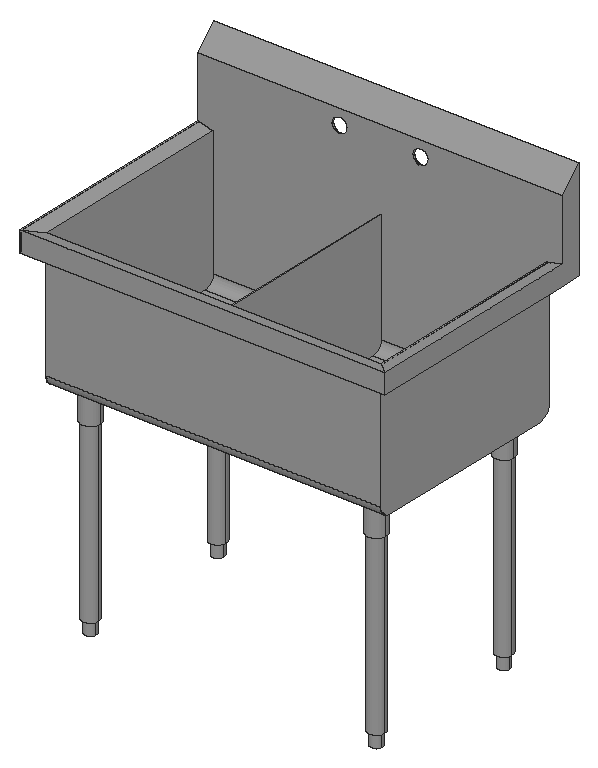
Revit family "equip-sink-elkay-weldbilt-DBL", category Plumbing Fixtures, Revit 2019
Family settings
  Round Connector Dimension = Use Diameter
  Part Type = Normal
  Work Plane-Based = No
  Always vertical = Yes
  Cut with Voids When Loaded = No
  Shared = No
  Room Calculation Point = No
Parameters (values of type "ByType")
  Width = 2' - 0"
  URL = "http://www.elkayusa.com/cps/rde/xchg/elkay/hs.xsl/Default.aspx"
  Specification URL = "http://www.elkayusa.com/cps/rde/xbcr/elkay/04-06H_WELDBILT_DOUBLE_SCULLERY.pdf"
  Model Number = ""
  Model = "Weldbilt"
  Manufacturer = "Elkay Manufacturer"
  Length = 3' - 0"
  Installation URL = "http://www.elkayusa.com/cps/rde/xbcr/elkay/74180084.pdf"
  Hidden Width = if(Compartment Width > 0' 11", Width, (Compartment Width + Sink Rim Front Width + Backsplash Width))  # 2' - 0"
  Sink Material = Metal - Steel - Stainless - Chrome
  Hidden Compartment Width = Width - Sink Rim Front Width - Backsplash Width  # 1' - 8 1/2"
  Hidden Compartment Length = (Length - (Sink Rim Sides Width * 2)) / 2  # 1' - 4 1/2"
  Description = "Weldbilt Double Compartment scullery Sinks"
  Compartment Length = if(Hidden Compartment Length > 0' 8 1/2", Hidden Compartment Length, 0' 8 1/2")  # 1' - 4 1/2"
  Hidden Length = if((Compartment Length > 0' 8 1/2"), Length, (((Compartment Length * 2) + Sink Rim Sides Width * 2)))  # 3' - 0"
  Sink Rim Sides Width = 0' - 1 1/2"  # constant formula
  Sink Rim Front Width = 0' - 1 1/2"  # constant formula
  Backsplash Width = 0' - 2"  # constant formula
  Sink Drain Location = Compartment Width / 2  # 0' - 10 1/4"
  Compartment Depth = 1' - 2"
  Compartment Width = if(Hidden Compartment Width > 0' 11", Hidden Compartment Width, 0' 11")  # 1' - 8 1/2"
  Rim Height = 3' - 0"
  Hole 1 to 2 = 0' - 8"
  Hole 1 From CL = 0' - 4"
  Faucet CL from Top Backsplash = 0' - 3 1/2"
  Backsplash Height = 0' - 8"
Reference planes (in)
  plane 1 "CL Sink Hole": y = 0
  plane 2 "Bottom": z = 0
  plane 3 "Center (Left/Right)": x = 0
  plane 4 "Basin Edge Left": x = -16.5
  plane 5 "Basin Edge Right": x = 16.5
  plane 6 "Basin Edge Back": y = 10.25
  plane 7 "Basin Edge Front": y = -10.25
  plane 8 "Left": x = -18
  plane 9 "Right": x = 18
  plane 10 "Back": y = 12.25
  plane 11 "Front": y = -11.75
  plane 12 "Sink Bowl Bottom (Top Face)": z = 22
  plane 13 "Sink Bowl Bottom (Bottom Face)": z = 21.875
  plane 14 "Sink Bottom Piece Back Edge": y = 9.25
  plane 15 "Sink Bottom Piece Front Edge": y = -9.25
  plane 16 "Center (Front/Back)": y = 0
  plane 17 "Sink Rim Top": z = 36
  plane 18 "Sink Bowl Bottom Radius Top Tangent": z = 23
  plane 19 "Sink Rim Inside Lower Edge": z = 35.59808
  plane 20: z = 44
  plane 21 "Backsplash Angle": z = 42
  plane 22 "Backsplash Side Piece Front": y = 10.375
  plane 23 "Backsplash Side Piece Top": z = 43.82322
  plane 24 "Backsplash Side Piece Angle": z = 41.94822
  plane 25 "Backsplash Side Piece Bottom": z = 34
  plane 26 "Backsplash Side Right Piece Inside Edge": x = 17.9375
  plane 27 "Backsplash Side Left Piece Inside Edge": x = -17.9375
  plane 28 "Basin Edge Right Outside Face": x = 16.5625
  plane 29 "Basin Edge Left Outside Face": x = -16.5625
  plane 30 "Faucet Hole CL Elev": z = 40.5
  plane 31 "CL Faucet Hole Left": x = -4
  plane 32 "CL Faucet Hole Right": x = 4
  plane 33 "Leg Left CL": x = -14.125
  plane 34 "Leg Front CL": y = -7.875
  plane 35: z = 18.825
  plane 36: z = 1.3125
  plane 37 "Leg Right CL": x = 14.125
  plane 38 "Leg Back CL": y = 7.875
  plane 39 "Sink Drain Left CL": x = -8.25
  plane 40 "Partition Edge Left": x = -0.075
  plane 41 "Partition Edge Right": x = 0.075
  plane 42 "Partition Top": z = 35.47
  plane 43 "Sink Drain Right CL": x = 8.25
  plane 44 "Basin Edge Back Outside": y = 10.375
  plane 45 "Basin Edge Front Outside": y = -10.375
Forms (in)
  Sweep 1, solid, material "Metal - Steel - Stainless - Chrome" <- "Sink Material"
    path origin (0, 0, 36) x (0, -1, 0) y (1, 0, 0)
      loop
        line (-10.375, 18) -> (11.75, 18) -> (11.75, -18) -> (-10.375, -18)
    profile "profile-weldbilt-rim : profile-weldbilt-rim" origin (-18, -0.6875, 36) x (-1, 0, 0) y (0, 0, 1)
      loop
        line (-1.5, -0.40192) -> (-1.41389, -0.45164) -> (-0.07031, -0.09163) -> (-0.07031, -1.94605) -> (-0.42259, -2.04044) -> (-0.42259, -2.11323) -> (0, -2) -> (0, 0) -> (-1.5, -0.40192)
  Extrusion 2, solid, material "Metal - Steel - Stainless - Chrome" <- "Sink Material"
    sketch origin (0, 0, 0) x (0, 1, 0) y (0, 0, 1)
      loop
        line (-10.375, 35.59808) -> (-10.375, 23)
        arc (-10.375, 23) -> (-10.0455, 22.2045) -> (-9.25, 21.875) r 1.125
        line (-9.25, 21.875) -> (9.25, 21.875)
        arc (9.25, 21.875) -> (10.0455, 22.2045) -> (10.375, 23) r 1.125
        line (10.375, 23) -> (10.375, 35.59808) -> (10.25, 35.59808) -> (10.25, 23)
        arc (10.25, 23) -> (9.95711, 22.29289) -> (9.25, 22) r 1
        line (9.25, 22) -> (-9.25, 22)
        arc (-9.25, 22) -> (-9.95711, 22.29289) -> (-10.25, 23) r 1
        line (-10.25, 23) -> (-10.25, 35.59808) -> (-10.375, 35.59808)
    from -16.5 to 16.5
  Extrusion 3, solid, material "Metal - Steel - Stainless - Chrome" <- "Sink Material"
    sketch origin (0, 0, 0) x (0, 1, 0) y (0, 0, 1)
      loop
        line (10.25, 42) -> (10.25, 35.59808) -> (10.375, 35.59808) -> (10.375, 41.94822) -> (12.25, 43.82322) -> (12.25, 44) -> (10.25, 42)
    from -18 to 18
  Extrusion 4, solid, material "Metal - Steel - Stainless - Chrome" <- "Sink Material"
    sketch origin (18, 0, 0) x (0, 1, 0) y (0, 0, 1)
      loop
        line (12.25, 43.82322) -> (10.375, 41.94822) -> (10.375, 34) -> (12.25, 34) -> (12.25, 43.82322)
    from -0.0625 to 0
  Extrusion 5, solid, material "Metal - Steel - Stainless - Chrome" <- "Sink Material"
    sketch origin (-18, 0, 0) x (0, 1, 0) y (0, 0, 1)
      loop
        line (12.25, 43.82322) -> (10.375, 41.94822) -> (10.375, 34) -> (12.25, 34) -> (12.25, 43.82322)
    from 0 to 0.0625
  Extrusion 6, solid, material "Metal - Steel - Stainless - Chrome" <- "Sink Material"
    sketch origin (16.5, 0, 0) x (0, 1, 0) y (0, 0, 1)
      loop
        line (-10.375, 35.59808) -> (-10.375, 23)
        arc (-10.375, 23) -> (-10.0455, 22.2045) -> (-9.25, 21.875) r 1.125
        line (-9.25, 21.875) -> (9.25, 21.875)
        arc (9.25, 21.875) -> (10.0455, 22.2045) -> (10.375, 23) r 1.125
        line (10.375, 23) -> (10.375, 35.59808) -> (-10.375, 35.59808)
    from 0 to 0.0625
  Extrusion 7, solid, material "Metal - Steel - Stainless - Chrome" <- "Sink Material"
    sketch origin (-16.5, 0, 0) x (0, 1, 0) y (0, 0, 1)
      loop
        line (10.375, 35.59808) -> (-10.375, 35.59808) -> (-10.375, 23)
        arc (-10.375, 23) -> (-10.0455, 22.2045) -> (-9.25, 21.875) r 1.125
        line (-9.25, 21.875) -> (9.25, 21.875)
        arc (9.25, 21.875) -> (10.0455, 22.2045) -> (10.375, 23) r 1.125
        line (10.375, 23) -> (10.375, 35.59808)
    from -0.0625 to 0
  Extrusion 8, void
    sketch origin (0, 0, 0) x (1, 0, 0) y (0, 0, 1)
      loop
        circle (-4, 40.5) r 0.75
    from -10.375 to -10.25
  Extrusion 9, void
    sketch origin (0, 0, 0) x (1, 0, 0) y (0, 0, 1)
      loop
        circle (4, 40.5) r 0.75
    from -10.375 to -10.25
  Extrusion 10, void
    sketch origin (-45.27944, 78.60934, 0) x (1, 0, 0) y (0, 1, 0)
      loop
        circle (37.02944, -78.60934) r 2.375
    from 21.875 to 22
  Revolve 11, solid, material "Metal - Steel - Stainless - Chrome" <- "Sink Material"
    sketch origin (0, -7.875, 0) x (-1, 0, 0) y (0, 0, 1)
      loop
        line (14.9375, 18.825) -> (15.095, 18.825) -> (15.095, 21.875) -> (14.125, 21.875) -> (14.125, 0) -> (14.6875, 0) -> (14.6875, 1.3125) -> (14.9375, 1.3125) -> (14.9375, 18.825)
      axis (14.125, 21.875) -> (14.125, 0)
    angle from 0 to 360
  Revolve 12, solid, material "Metal - Steel - Stainless - Chrome" <- "Sink Material"
    sketch origin (0, -7.875, 0) x (-1, 0, 0) y (0, 0, 1)
      loop
        line (-14.9375, 18.825) -> (-14.9375, 1.3125) -> (-14.6875, 1.3125) -> (-14.6875, 0) -> (-14.125, 0) -> (-14.125, 21.875) -> (-15.095, 21.875) -> (-15.095, 18.825) -> (-14.9375, 18.825)
      axis (-14.125, 21.875) -> (-14.125, 0)
    angle from 0 to 360
  Revolve 13, solid, material "Metal - Steel - Stainless - Chrome" <- "Sink Material"
    sketch origin (0, 7.875, 0) x (-1, 0, 0) y (0, 0, 1)
      loop
        line (-14.9375, 18.825) -> (-14.9375, 1.3125) -> (-14.6875, 1.3125) -> (-14.6875, 0) -> (-14.125, 0) -> (-14.125, 21.875) -> (-15.095, 21.875) -> (-15.095, 18.825) -> (-14.9375, 18.825)
      axis (-14.125, 21.875) -> (-14.125, 0)
    angle from 0 to 360
  Revolve 14, solid, material "Metal - Steel - Stainless - Chrome" <- "Sink Material"
    sketch origin (0, 7.875, 0) x (-1, 0, 0) y (0, 0, 1)
      loop
        line (13.3125, 18.825) -> (13.3125, 1.3125) -> (13.5625, 1.3125) -> (13.5625, 0) -> (14.125, 0) -> (14.125, 21.875) -> (13.155, 21.875) -> (13.155, 18.825) -> (13.3125, 18.825)
      axis (14.125, 21.875) -> (14.125, 0)
    angle from 0 to 360
  Sweep 15, solid, material "Metal - Steel - Stainless - Chrome" <- "Sink Material"
    path origin (0, 0, 22) x (-1, 0, 0) y (0, -1, 0)
      loop
        circle (8.25, 0) r 2.375
    profile "profile-elkay-sink-hole-1 : profile-elkay-sink-hole-1" origin (-8.25, -2.375, 22) x (0, 1, 0) y (0, 0, 1)
      loop
        arc (0.10775, -0.05529) -> (0.06053, -0.01467) -> (0, 0) r 0.133
        line (0, 0) -> (0, -0.07422)
        arc (0, -0.07422) -> (0.0267, -0.08072) -> (0.04752, -0.09865) r 0.05878
        line (0.04752, -0.09865) -> (0.12152, -0.20143) -> (0.5715, -0.40832) -> (0.5715, -0.32577) -> (0.16939, -0.14089) -> (0.10775, -0.05529)
  Extrusion 16, solid, material "Metal - Steel - Stainless - Chrome" <- "Sink Material"
    sketch origin (0, 0, 0) x (0, 1, 0) y (0, 0, 1)
      loop
        line (-10.25, 34) -> (-10.25, 23)
        arc (-10.25, 23) -> (-9.95711, 22.29289) -> (-9.25, 22) r 1
        line (-9.25, 22) -> (9.25, 22)
        arc (9.25, 22) -> (9.95711, 22.29289) -> (10.25, 23) r 1
        line (10.25, 23) -> (10.25, 34) -> (-10.25, 34)
    from -0.075 to 0.075
  Extrusion 17, void
    sketch origin (0, 0, 0) x (1, 0, 0) y (0, 1, 0)
      loop
        circle (8.25, 0) r 2.375
    from 21.875 to 22
  Sweep 18, solid, material "Metal - Steel - Stainless - Chrome" <- "Sink Material"
    path origin (0, 0, 22) x (-1, 0, 0) y (0, -1, 0)
      loop
        circle (-8.25, 0) r 2.375
    profile "profile-elkay-sink-hole-1 : profile-elkay-sink-hole-1" origin (8.25, -2.375, 22) x (0, 1, 0) y (0, 0, 1)
      loop
        arc (0.10775, -0.05529) -> (0.06053, -0.01467) -> (0, 0) r 0.133
        line (0, 0) -> (0, -0.07422)
        arc (0, -0.07422) -> (0.0267, -0.08072) -> (0.04752, -0.09865) r 0.05878
        line (0.04752, -0.09865) -> (0.12152, -0.20143) -> (0.5715, -0.40832) -> (0.5715, -0.32577) -> (0.16939, -0.14089) -> (0.10775, -0.05529)
Cuts and joins
  Extrusion 10, Extrusion 17 cuts Extrusion 2
  Extrusion 8, Extrusion 9 cuts Extrusion 3
  Extrusion 10 cuts Extrusion 6
  joined: Sweep 1, Extrusion 2, Extrusion 3, Extrusion 4, Extrusion 5, Extrusion 6, Extrusion 7, Revolve 14, Sweep 15, Sweep 18
Lines and regions (in)
  Masking region 1
    outline origin (0, 0, 0) x (1, 0, 0) y (0, 1, 0)
      loop
        line (-18, 12.25) -> (-18, -11.75) -> (18, -11.75) -> (18, 12.25) -> (-18, 12.25)
  reference lines
    curve 1: arc (0, -9.25, 22) -> (0, -9.95711, 22.29289) -> (0, -10.25, 23) r 1
    curve 2: arc (0, 10.25, 23) -> (0, 9.95711, 22.29289) -> (0, 9.25, 22) r 1
    curve 3: line (-14.125, -7.875, 21.875) -> (-14.125, -7.875, 0)
    curve 4: line (14.125, -7.875, 22) -> (14.125, -7.875, 0)
    curve 5: line (14.125, 7.875, 21.875) -> (14.125, 7.875, 0)
    curve 6: line (-14.125, 7.875, 21.875) -> (-14.125, 7.875, 0)
    curve 20: arc (0, -10.375, 23) -> (0, -10.0455, 22.2045) -> (0, -9.25, 21.875) r 1.125
    curve 21: arc (0, 10.375, 23) -> (0, 10.0455, 22.2045) -> (0, 9.25, 21.875) r 1.125
  symbolic lines
    curve 7: line (-18, 10.25, 0) -> (18, 10.25, 0)
    curve 8: line (-16.5, -10.25, 0) -> (-16.5, 10.25, 0)
    curve 9: line (16.5, -10.25, 0) -> (-16.5, -10.25, 0)
    curve 10: line (16.5, 10.25, 0) -> (16.5, -10.25, 0)
    curve 11: line (-16.5, -10.25, 0) -> (-18, -11.75, 0)
    curve 12: line (18, -11.75, 0) -> (16.5, -10.25, 0)
    curve 13: circle (-8.25, 0, 0) r 2.375 normal (0, 0, 1)
    curve 14: circle (-8.25, 0, 0) r 1.75 normal (0, 0, 1)
    curve 15: line (-0.075, -10.25, 0) -> (-0.075, 10.25, 0)
    curve 16: line (0.075, 10.25, 0) -> (0.075, -10.25, 0)
    curve 17: circle (8.25, 0, 0) r 2.375 normal (0, 0, 1)
    curve 18: circle (8.25, 0, 0) r 1.75 normal (0, 0, 1)
    curve 19: line (0, 12.25, 44) -> (0, 10.25, 42)
Dimensions and locks (in)
  equal spacing: plane 4 "Basin Edge Left", plane 3 "Center (Left/Right)", plane 5 "Basin Edge Right"
  "Sink Rim Sides Width": plane 8 "Left" to plane 4 "Basin Edge Left"
  "Sink Rim Sides Width": plane 5 "Basin Edge Right" to plane 9 "Right"
  "Hidden Length": plane 8 "Left" to plane 9 "Right"
  "Sink Drain Location": plane 6 "Basin Edge Back" to plane 1 "CL Sink Hole"
  "Backsplash Width": plane 10 "Back" to plane 6 "Basin Edge Back"
  "Sink Rim Front Width": plane 7 "Basin Edge Front" to plane 11 "Front"
  "Hidden Width": plane 10 "Back" to plane 11 "Front"
  locked: plane 15 "Sink Bottom Piece Front Edge" to plane 7 "Basin Edge Front" at 1
  locked: plane 6 "Basin Edge Back" to plane 14 "Sink Bottom Piece Back Edge" at 1
  plane 6 "Basin Edge Back" to plane 7 "Basin Edge Front" = 1' - 8 1/2"
  equal spacing: plane 6 "Basin Edge Back", plane 16 "Center (Front/Back)", plane 7 "Basin Edge Front"
  "Compartment Depth": plane 17 "Sink Rim Top" to plane 12 "Sink Bowl Bottom (Top Face)"
  "Rim Height": plane 17 "Sink Rim Top" to plane 2 "Bottom"
  locked: plane 18 "Sink Bowl Bottom Radius Top Tangent" to plane 12 "Sink Bowl Bottom (Top Face)" at 1
  locked: plane 17 "Sink Rim Top" to plane 19 "Sink Rim Inside Lower Edge" at 0.40192
  "Backsplash Height": plane 20 to plane 17 "Sink Rim Top"
  locked: plane 20 to plane 21 "Backsplash Angle" at 2
  locked: plane 20 to plane 23 "Backsplash Side Piece Top" at 0.17678
  locked: plane 6 "Basin Edge Back" to plane 22 "Backsplash Side Piece Front" at 0.125
  locked: plane 21 "Backsplash Angle" to plane 24 "Backsplash Side Piece Angle" at 0.05178
  locked: plane 26 "Backsplash Side Right Piece Inside Edge" to plane 9 "Right" at 0.0625
  locked: plane 8 "Left" to plane 27 "Backsplash Side Left Piece Inside Edge" at 0.0625
  locked: plane 5 "Basin Edge Right" to plane 28 "Basin Edge Right Outside Face" at 0.0625
  plane 29 "Basin Edge Left Outside Face" to plane 4 "Basin Edge Left" = 0' - 0 1/16"
  locked: plane 17 "Sink Rim Top" to plane 25 "Backsplash Side Piece Bottom" at 2
  locked: plane 34 "Leg Front CL" to plane 7 "Basin Edge Front" at 2.375
  locked: plane 4 "Basin Edge Left" to plane 33 "Leg Left CL" at 2.375
  "Hole 1 From CL": plane 31 "CL Faucet Hole Left" to plane 3 "Center (Left/Right)"
  "Hole 1 to 2": plane 31 "CL Faucet Hole Left" to plane 32 "CL Faucet Hole Right"
  locked: plane 12 "Sink Bowl Bottom (Top Face)" to plane 13 "Sink Bowl Bottom (Bottom Face)" at 0.125
  locked: plane 12 "Sink Bowl Bottom (Top Face)" to plane 35 at 3.175
  locked: plane 36 to plane 2 "Bottom" at 1.3125
  "Faucet CL from Top Backsplash": plane 20 to plane 30 "Faucet Hole CL Elev"
  locked: plane 37 "Leg Right CL" to plane 5 "Basin Edge Right" at 2.375
  locked: plane 6 "Basin Edge Back" to plane 38 "Leg Back CL" at 2.375
  equal spacing: plane 4 "Basin Edge Left", plane 39 "Sink Drain Left CL", plane 3 "Center (Left/Right)"
  equal spacing: plane 40 "Partition Edge Left", plane 3 "Center (Left/Right)", plane 41 "Partition Edge Right"
  locked: plane 40 "Partition Edge Left" to plane 41 "Partition Edge Right" at 0.15
  locked: plane 17 "Sink Rim Top" to plane 42 "Partition Top" at 0.53
  equal spacing: plane 3 "Center (Left/Right)", plane 43 "Sink Drain Right CL", plane 5 "Basin Edge Right"
  locked: plane 6 "Basin Edge Back" to plane 44 "Basin Edge Back Outside" at 0.125
  locked: plane 45 "Basin Edge Front Outside" to plane 7 "Basin Edge Front" at 0.125
  locked: nested 1 to plane 9 "Right" at 4
  locked: plane 10 "Back" to nested 1 at 1
  aligned and locked: Extrusion 2 sketch curve to plane 6 "Basin Edge Back"
  aligned and locked: Extrusion 2 sketch curve to curve 2
  aligned and locked: Extrusion 2 sketch curve to curve 1
  aligned and locked: plane 5 "Basin Edge Right" to Extrusion 2
  aligned and locked: Extrusion 2 to plane 4 "Basin Edge Left"
  aligned and locked: Extrusion 2 sketch curve to plane 19 "Sink Rim Inside Lower Edge"  (x2)
  aligned and locked: Extrusion 3 sketch curve to plane 19 "Sink Rim Inside Lower Edge"
  aligned and locked: Extrusion 3 sketch curve to plane 10 "Back"
  aligned and locked: Extrusion 3 sketch curve to plane 6 "Basin Edge Back"
  aligned and locked: plane 9 "Right" to Extrusion 3
  aligned and locked: Extrusion 3 to plane 8 "Left"
  aligned and locked: plane 10 "Back" to Extrusion 4 sketch curve
  aligned and locked: Extrusion 4 sketch curve to plane 25 "Backsplash Side Piece Bottom"
  aligned and locked: Extrusion 4 sketch curve to plane 22 "Backsplash Side Piece Front"
  aligned and locked: Extrusion 4 to plane 26 "Backsplash Side Right Piece Inside Edge"
  aligned and locked: plane 9 "Right" to Extrusion 4
  aligned and locked: plane 22 "Backsplash Side Piece Front" to Sweep 1 sketch curve  (x2)
  aligned and locked: Extrusion 5 sketch curve to plane 10 "Back"
  aligned and locked: plane 22 "Backsplash Side Piece Front" to Extrusion 5 sketch curve
  aligned and locked: plane 25 "Backsplash Side Piece Bottom" to Extrusion 5 sketch curve
  aligned and locked: plane 27 "Backsplash Side Left Piece Inside Edge" to Extrusion 5
  aligned and locked: Extrusion 5 to plane 8 "Left"
  aligned and locked: Extrusion 6 sketch curve to plane 19 "Sink Rim Inside Lower Edge"
  aligned and locked: Extrusion 6 to plane 5 "Basin Edge Right"
  aligned and locked: plane 28 "Basin Edge Right Outside Face" to Extrusion 6
  aligned and locked: Extrusion 7 sketch curve to plane 19 "Sink Rim Inside Lower Edge"
  aligned and locked: Extrusion 7 to plane 29 "Basin Edge Left Outside Face"
  aligned and locked: plane 4 "Basin Edge Left" to Extrusion 7
  aligned and locked: plane 22 "Backsplash Side Piece Front" to Extrusion 9
  aligned and locked: Extrusion 9 to plane 6 "Basin Edge Back"
  aligned and locked: plane 22 "Backsplash Side Piece Front" to Extrusion 8
  aligned: Extrusion 8 to plane 14 "Sink Bottom Piece Back Edge"
  aligned and locked: Extrusion 8 to plane 6 "Basin Edge Back"
  aligned and locked: plane 12 "Sink Bowl Bottom (Top Face)" to Extrusion 10
  aligned and locked: Extrusion 10 to plane 13 "Sink Bowl Bottom (Bottom Face)"
  aligned and locked: Revolve 11 sketch curve to plane 13 "Sink Bowl Bottom (Bottom Face)"
  aligned and locked: Revolve 11 sketch curve to curve 3
  aligned and locked: curve 4 to plane 37 "Leg Right CL"
  aligned and locked: plane 12 "Sink Bowl Bottom (Top Face)" to curve 4
  aligned and locked: plane 2 "Bottom" to curve 4
  aligned and locked: Revolve 12 sketch curve to plane 36
  aligned and locked: Revolve 12 sketch curve to plane 35
  aligned and locked: plane 2 "Bottom" to Revolve 12 sketch curve  (x3)
  aligned and locked: plane 13 "Sink Bowl Bottom (Bottom Face)" to Revolve 12 sketch curve  (x2)
  aligned and locked: curve 4 to Revolve 12 sketch curve  (x2)
  aligned and locked: Revolve 13 sketch curve to plane 2 "Bottom"
  aligned and locked: plane 36 to Revolve 13 sketch curve
  aligned and locked: plane 35 to Revolve 13 sketch curve
  aligned and locked: Revolve 13 sketch curve to plane 13 "Sink Bowl Bottom (Bottom Face)"
  aligned and locked: plane 37 "Leg Right CL" to Revolve 13 sketch curve
  aligned and locked: Revolve 13 sketch curve to curve 5
  aligned and locked: Revolve 14 sketch curve to plane 2 "Bottom"
  aligned and locked: plane 36 to Revolve 14 sketch curve
  aligned and locked: plane 35 to Revolve 14 sketch curve
  aligned and locked: Revolve 14 sketch curve to plane 13 "Sink Bowl Bottom (Bottom Face)"
  aligned and locked: plane 33 "Leg Left CL" to Revolve 14 sketch curve
  aligned and locked: plane 2 "Bottom" to Revolve 14 sketch curve
  aligned and locked: Revolve 14 sketch curve to plane 33 "Leg Left CL"
  aligned and locked: Masking region 1 sketch curve to plane 10 "Back"
  aligned and locked: plane 8 "Left" to Masking region 1 sketch curve
  aligned and locked: Masking region 1 sketch curve to plane 9 "Right"
  aligned and locked: plane 11 "Front" to Masking region 1 sketch curve
  aligned and locked: plane 7 "Basin Edge Front" to curve 9
  aligned and locked: plane 4 "Basin Edge Left" to curve 8
  aligned and locked: curve 7 to plane 6 "Basin Edge Back"
  aligned and locked: plane 8 "Left" to curve 7
  aligned and locked: plane 9 "Right" to curve 7
  aligned and locked: Extrusion 16 sketch curve to plane 25 "Backsplash Side Piece Bottom"
  aligned and locked: Extrusion 16 sketch curve to plane 6 "Basin Edge Back"
  aligned and locked: Extrusion 16 sketch curve to curve 1
  aligned and locked: Extrusion 16 sketch curve to curve 2
  aligned and locked: Extrusion 16 to plane 40 "Partition Edge Left"
  aligned and locked: plane 41 "Partition Edge Right" to Extrusion 16
  aligned and locked: plane 12 "Sink Bowl Bottom (Top Face)" to Extrusion 17
  aligned and locked: Extrusion 17 to plane 13 "Sink Bowl Bottom (Bottom Face)"
  aligned and locked: Extrusion 6 sketch curve to plane 44 "Basin Edge Back Outside"
  aligned and locked: Extrusion 6 sketch curve to plane 45 "Basin Edge Front Outside"
  aligned and locked: Extrusion 6 sketch curve to curve 20
  aligned and locked: Extrusion 6 sketch curve to curve 21
  aligned and locked: Extrusion 7 sketch curve to plane 44 "Basin Edge Back Outside"
  aligned and locked: Extrusion 7 sketch curve to plane 45 "Basin Edge Front Outside"
  aligned and locked: Extrusion 7 sketch curve to curve 20
  aligned and locked: Extrusion 7 sketch curve to curve 21
Automatic sketch dimensions
  Sweep 1 sketch curve to plane 8 "Left" = 0' - 0"
  Sweep 1 sketch curve to plane 11 "Front" = 0' - 0"
  Sweep 1 sketch curve to plane 9 "Right" = 0' - 0"
  Extrusion 2 sketch curve to Extrusion 2 sketch curve = 0' - 0"  (x4)
  Extrusion 2 sketch curve to plane 22 "Backsplash Side Piece Front" = 0' - 0"
  Extrusion 3 sketch curve to plane 22 "Backsplash Side Piece Front" = 0' - 0"
  Extrusion 3 sketch curve to plane 24 "Backsplash Side Piece Angle" = 0' - 0"
  Extrusion 3 sketch curve to plane 21 "Backsplash Angle" = 0' - 0"
  Extrusion 3 sketch curve to plane 23 "Backsplash Side Piece Top" = 0' - 0"
  Extrusion 3 sketch curve to plane 20 = 0' - 0"
  Extrusion 4 sketch curve to plane 24 "Backsplash Side Piece Angle" = 0' - 0"
  Extrusion 4 sketch curve to plane 23 "Backsplash Side Piece Top" = 0' - 0"
  Extrusion 5 sketch curve to plane 24 "Backsplash Side Piece Angle" = 0' - 0"
  Extrusion 5 sketch curve to plane 23 "Backsplash Side Piece Top" = 0' - 0"
  Extrusion 8 sketch curve to plane 30 "Faucet Hole CL Elev" = 0' - 0"
  Extrusion 8 sketch curve to plane 31 "CL Faucet Hole Left" = 0' - 0"
  Extrusion 9 sketch curve to plane 30 "Faucet Hole CL Elev" = 0' - 0"
  Extrusion 9 sketch curve to plane 32 "CL Faucet Hole Right" = 0' - 0"
  curve 3 to level = 0' - 0"
  curve 3 to plane 33 "Leg Left CL" = 0' - 0"
  curve 3 to plane 13 "Sink Bowl Bottom (Bottom Face)" = 0' - 0"
  Revolve 11 sketch curve to plane 33 "Leg Left CL" = 0' - 0"
  Revolve 11 sketch curve to level = 0' - 0"  (x2)
  Revolve 11 sketch curve to plane 36 = 0' - 0"
  Revolve 11 sketch curve to plane 35 = 0' - 0"
  Revolve 11 sketch curve to plane 13 "Sink Bowl Bottom (Bottom Face)" = 0' - 0"
  Revolve 11 sketch curve to Revolve 11 sketch curve = 0' - 0 9/16"
  Revolve 11 sketch curve to Revolve 11 sketch curve = 0' - 0 1/4"
  Revolve 11 sketch curve to Revolve 11 sketch curve = 0' - 0.1575"
  plane 37 "Leg Right CL" to Revolve 12 sketch curve = 0' - 0 9/16"
  plane 37 "Leg Right CL" to Revolve 12 sketch curve = 0' - 0 13/16"
  Revolve 12 sketch curve to Revolve 12 sketch curve = 0' - 0.1575"
  curve 5 to level = 0' - 0"
  curve 5 to plane 37 "Leg Right CL" = 0' - 0"
  curve 5 to plane 13 "Sink Bowl Bottom (Bottom Face)" = 0' - 0"
  Revolve 13 sketch curve to level = 0' - 0"
  Revolve 13 sketch curve to plane 13 "Sink Bowl Bottom (Bottom Face)" = 0' - 0"
  plane 37 "Leg Right CL" to Revolve 13 sketch curve = 0' - 0 9/16"
  Revolve 13 sketch curve to Revolve 13 sketch curve = 0' - 0 1/4"
  Revolve 13 sketch curve to Revolve 13 sketch curve = 0' - 0.97"
  Revolve 14 sketch curve to plane 13 "Sink Bowl Bottom (Bottom Face)" = 0' - 0"
  plane 33 "Leg Left CL" to Revolve 14 sketch curve = 0' - 0 9/16"
  Revolve 14 sketch curve to Revolve 14 sketch curve = 0' - 0 1/4"
  Revolve 14 sketch curve to Revolve 14 sketch curve = 0' - 0.97"
  curve 6 to level = 0' - 0"
  curve 6 to plane 33 "Leg Left CL" = 0' - 0"
  curve 6 to plane 13 "Sink Bowl Bottom (Bottom Face)" = 0' - 0"
  plane 1 "CL Sink Hole" to Sweep 15 sketch curve = 0' - 0"
  Sweep 15 sketch curve to plane 39 "Sink Drain Left CL" = 0' - 0"
  plane 1 "CL Sink Hole" to Extrusion 10 sketch curve = 0' - 0"
  Extrusion 10 sketch curve to plane 39 "Sink Drain Left CL" = 0' - 0"
  plane 1 "CL Sink Hole" to Extrusion 17 sketch curve = 0' - 0"
  Extrusion 17 sketch curve to plane 43 "Sink Drain Right CL" = 0' - 0"
  plane 1 "CL Sink Hole" to Sweep 18 sketch curve = 0' - 0"
  Sweep 18 sketch curve to plane 43 "Sink Drain Right CL" = 0' - 0"
  curve 13 to curve 14 = 0' - 0"  (x2)
  curve 17 to curve 18 = 0' - 0"  (x2)
  curve 11 to plane 8 "Left" = 0' - 0"
  plane 1 "CL Sink Hole" to curve 13 = 0' - 0"
  curve 13 to plane 39 "Sink Drain Left CL" = 0' - 0"
  curve 15 to plane 40 "Partition Edge Left" = 0' - 0"
  curve 16 to plane 41 "Partition Edge Right" = 0' - 0"
  plane 1 "CL Sink Hole" to curve 17 = 0' - 0"
  curve 17 to plane 43 "Sink Drain Right CL" = 0' - 0"
  curve 10 to plane 5 "Basin Edge Right" = 0' - 0"
  curve 12 to plane 9 "Right" = 0' - 0"
  curve 11 to plane 11 "Front" = 0' - 0"
  curve 12 to plane 11 "Front" = 0' - 0"
  curve 19 to plane 6 "Basin Edge Back" = 0' - 0"
  curve 19 to plane 10 "Back" = 0' - 0"
  curve 19 to plane 21 "Backsplash Angle" = 0' - 0"
  curve 19 to plane 20 = 0' - 0"
  curve 1 to curve 20 = 0' - 0"  (x2)
  curve 2 to curve 21 = 0' - 0"  (x2)
  curve 20 to plane 18 "Sink Bowl Bottom Radius Top Tangent" = 0' - 0"
  curve 20 to plane 45 "Basin Edge Front Outside" = 0' - 0"
  curve 1 to plane 7 "Basin Edge Front" = 0' - 0"
  curve 20 to plane 13 "Sink Bowl Bottom (Bottom Face)" = 0' - 0"
  curve 21 to plane 13 "Sink Bowl Bottom (Bottom Face)" = 0' - 0"
  curve 21 to plane 14 "Sink Bottom Piece Back Edge" = 0' - 0"
  curve 2 to plane 6 "Basin Edge Back" = 0' - 0"
  curve 21 to plane 18 "Sink Bowl Bottom Radius Top Tangent" = 0' - 0"
  radius of Extrusion 8 sketch curve = 0' - 0 3/4"
  radius of Extrusion 9 sketch curve = 0' - 0 3/4"
  radius of Sweep 15 sketch curve = 0' - 2 3/8"
  radius of Extrusion 10 sketch curve = 0' - 2 3/8"
  radius of Extrusion 17 sketch curve = 0' - 2 3/8"
  radius of Sweep 18 sketch curve = 0' - 2 3/8"
  radius of curve 13 = 0' - 2 3/8"
  radius of curve 14 = 0' - 1 3/4"
  radius of curve 17 = 0' - 2 3/8"
  radius of curve 18 = 0' - 1 3/4"
Nested families (in)
  nested 1: "logo-elkay-detail" at (14, 11.25, 0), type "logo-elkay-detail"
Definition of nested family "logo-elkay-detail"
  Reference planes (in)
    plane 1 "Center (Front/Back)": y = 0
    plane 2: z = 0
    plane 3 "Center (Left/Right)": x = 0
  Lines and regions (in)
    detail lines, in view "Ref. Level"
      curve 1: line (-1.81545, 0.37736, 0) -> (-2.86608, 0.37736, 0)
      curve 2: line (-2.86608, 0.37736, 0) -> (-2.99916, -0.37736, 0)
      curve 3: line (-2.99916, -0.37736, 0) -> (-1.89769, -0.37736, 0)
      curve 4: line (-1.89769, -0.37736, 0) -> (-1.87836, -0.26772, 0)
      curve 5: line (-1.87836, -0.26772, 0) -> (-2.75664, -0.26772, 0)
      curve 6: line (-2.75664, -0.26772, 0) -> (-2.71915, -0.05507, 0)
      curve 7: line (-2.71915, -0.05507, 0) -> (-1.94254, -0.05507, 0)
      curve 8: line (-1.94254, -0.05507, 0) -> (-1.92312, 0.05507, 0)
      curve 9: line (-1.92312, 0.05507, 0) -> (-2.71407, 0.05507, 0)
      curve 10: line (-2.71407, 0.05507, 0) -> (-2.67657, 0.26772, 0)
      curve 11: line (-2.67657, 0.26772, 0) -> (-1.83479, 0.26772, 0)
      curve 12: line (-1.83479, 0.26772, 0) -> (-1.81545, 0.37736, 0)
      curve 13: line (-1.55864, -0.26772, 0) -> (-1.44489, 0.37736, 0)
      curve 14: line (-1.44489, 0.37736, 0) -> (-1.65384, 0.37736, 0)
      curve 15: line (-1.65384, 0.37736, 0) -> (-1.78692, -0.37736, 0)
      curve 16: line (-1.78692, -0.37736, 0) -> (-0.81843, -0.37736, 0)
      curve 17: line (-0.81843, -0.37736, 0) -> (-0.7991, -0.26772, 0)
      curve 18: line (-0.7991, -0.26772, 0) -> (-1.55864, -0.26772, 0)
      curve 19: line (-0.70839, -0.37736, 0) -> (-0.57531, 0.37736, 0)
      curve 20: line (-0.57531, 0.37736, 0) -> (-0.36636, 0.37736, 0)
      curve 21: line (-0.36636, 0.37736, 0) -> (-0.44053, -0.04327, 0)
      curve 22: line (-0.44053, -0.04327, 0) -> (0.30095, 0.37736, 0)
      curve 23: line (0.30095, 0.37736, 0) -> (0.59826, 0.37736, 0)
      curve 24: line (0.59826, 0.37736, 0) -> (0.025, 0.05216, 0)
      curve 25: line (0.025, 0.05216, 0) -> (0.49251, -0.37736, 0)
      curve 26: line (0.49251, -0.37736, 0) -> (0.1672, -0.37736, 0)
      curve 27: line (0.1672, -0.37736, 0) -> (-0.17613, -0.06193, 0)
      curve 28: line (-0.17613, -0.06193, 0) -> (-0.47357, -0.23067, 0)
      curve 29: line (-0.47357, -0.23067, 0) -> (-0.49944, -0.37736, 0)
      curve 30: line (-0.49944, -0.37736, 0) -> (-0.70839, -0.37736, 0)
      curve 31: line (1.55597, -0.12503, 0) -> (1.3377, 0.32386, 0)
      curve 32: line (1.3377, 0.32386, 0) -> (0.94493, -0.12503, 0)
      curve 33: line (0.94493, -0.12503, 0) -> (1.55597, -0.12503, 0)
      curve 34: line (1.55608, 0.37736, 0) -> (1.92307, -0.37736, 0)
      curve 35: line (1.92307, -0.37736, 0) -> (1.67867, -0.37736, 0)
      curve 36: line (1.67867, -0.37736, 0) -> (1.60734, -0.23067, 0)
      curve 37: line (1.60734, -0.23067, 0) -> (0.8525, -0.23067, 0)
      curve 38: line (0.8525, -0.23067, 0) -> (0.72414, -0.37736, 0)
      curve 39: line (0.72414, -0.37736, 0) -> (0.52921, -0.37736, 0)
      curve 40: line (0.52921, -0.37736, 0) -> (1.1896, 0.37736, 0)
      curve 41: line (1.1896, 0.37736, 0) -> (1.55608, 0.37736, 0)
      curve 42: line (1.98079, 0.37736, 0) -> (2.29994, 0.03841, 0)
      curve 43: line (2.29994, 0.03841, 0) -> (2.75395, 0.37736, 0)
      curve 44: line (2.75395, 0.37736, 0) -> (2.99916, 0.37736, 0)
      curve 45: line (2.99916, 0.37736, 0) -> (2.38123, -0.08397, 0)
      curve 46: line (2.38123, -0.08397, 0) -> (2.3295, -0.37736, 0)
      curve 47: line (2.3295, -0.37736, 0) -> (2.10632, -0.37736, 0)
      curve 48: line (2.10632, -0.37736, 0) -> (2.15092, -0.12442, 0)
      curve 49: line (2.15092, -0.12442, 0) -> (1.67845, 0.37736, 0)
      curve 50: line (1.67845, 0.37736, 0) -> (1.98079, 0.37736, 0)
